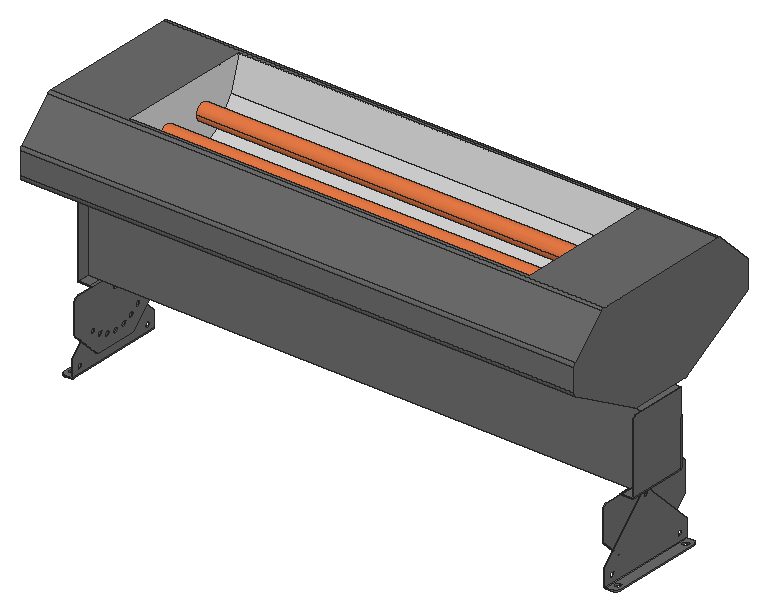
Revit family "Specialty_Equipment-Detroit_Radiant-Unit_Heater-ELD_Series-bk1", category Specialty Equipment, Revit 2023
Family settings
  Round Connector Dimension = Use Diameter
  Part Type = Normal
  OmniClass Number = 23.40.40.14
  OmniClass Title = Food Service Equipment
  Work Plane-Based = Yes
  Enable Cutting in Views = No
  Always vertical = No
  Cut with Voids When Loaded = No
  Maintain Annotation Orientation = No
  Shared = No
  Room Calculation Point = No
Parameters (values of type "ELD - 24" - Single")
  URL = "https://www.reverberray.com/"
  Model = if(CD_24, "ELD24", if(CD_33, "ELD33", if(CD_46, "ELD46", if(CD_60, "ELD60", "0"))))  # "ELD24"
  Manufacturer = "Detroit Radiant"  # constant formula
  CD_W Clear = if(CD_24, 57.000", if(CD_33, 66.000", if(CD_46, 79.000", if(CD_60, 93.000", 0.000"))))  # 57.000"
  CD_Tilt Angle Input [instance] = 0.00°
  CD_Tilt Angle [instance] = if(CD_Tilt Angle Input > 30.00°, 30.00°, CD_Tilt Angle Input)  # 0.00°
  CD_Product Name = "ELD-Series heaters"  # constant formula
  CD_Product Documentation Link = "https://www.reverberray.com/wp-content/uploads/2024/12/ELD-Series-Brochure.pdf"
  CD_Prodcut Page URL = "https://www.reverberray.com/products/commercial-industrial/patio-heaters/eld-series-2/"
  CD_Mounting Width = if(CD_24, 23.500", if(CD_33, 32.500", if(CD_46, 45.500", if(CD_60, 59.500", 0.000"))))  # 23.500"
  Voltage = 0 V
  Type Comments = ""
  Power Consumption = 0 VA
  Description = "Infrared Electric Heaters"  # constant formula
  Default Elevation = 0.000"  # constant formula
  CD_Material_Clearance Zone = Clearance-Detroit_Radiant-Shaded
  CD_Heater Type = Specialty_Equipment-Detroit_Radiant-Unit_Nested_Heater-ELD_Series : ELD - 24"
  CD_H Clear Top [instance] = if(and(CD_24, CD_Tilt Angle < 30.00°), 18.000", if(and(CD_24, CD_Tilt Angle > 15.00°), 9.000", if(and(CD_33, CD_Tilt Angle < 30.00°), 24.000", if(and(CD_33, CD_Tilt Angle > 15.00°), 9.000", if(and(CD_46, CD_Tilt Angle < 30.00°), 23.000", if(and(CD_46, CD_Tilt Angle > 15.00°), 9.000", if(and(CD_60, CD_Tilt Angle < 30.00°), 29.000", if(and(CD_60, CD_Tilt Angle > 15.00°), 9.000", 0.000"))))))))  # 18.000"
  CD_H Clear [instance] = if(and(CD_24, CD_Tilt Angle < 30.00°), 50.000", if(and(CD_24, CD_Tilt Angle > 15.00°), 53.000", if(and(CD_33, CD_Tilt Angle < 30.00°), 50.000", if(and(CD_33, CD_Tilt Angle > 15.00°), 53.000", if(and(CD_46, CD_Tilt Angle < 30.00°), 56.000", if(and(CD_46, CD_Tilt Angle > 15.00°), 59.000", if(and(CD_60, CD_Tilt Angle < 30.00°), 62.000", if(and(CD_60, CD_Tilt Angle > 15.00°), 65.000", 0.000"))))))))  # 50.000"
  CD_D Clear Back [instance] = if(CD_Tilt Angle < 30.00°, 7.000", if(CD_Tilt Angle > 15.00°, 4.000", 0.000"))  # 7.000"
  CD_D Clear [instance] = if(and(CD_24, CD_Tilt Angle < 30.00°), 46.000", if(and(CD_24, CD_Tilt Angle > 15.00°), 48.000", if(and(CD_33, CD_Tilt Angle < 30.00°), 46.000", if(and(CD_33, CD_Tilt Angle > 15.00°), 48.000", if(and(CD_46, CD_Tilt Angle < 30.00°), 56.000", if(and(CD_46, CD_Tilt Angle > 15.00°), 55.000", if(and(CD_60, CD_Tilt Angle < 30.00°), 68.000", if(and(CD_60, CD_Tilt Angle > 15.00°), 60.000", 0.000"))))))))  # 46.000"
  CD_Clearance Zone [instance] = no
  CD_60 = no
  CD_46 = no
  CD_33 = no
  CD_24 = yes
  Assembly Code = ""
  CD_Material_Finish = Metal-Steel-Detroit_Radiant-Coated_Aluminized_Steel
  Amperage = 0 A
Types (4): name | Model | CD_W Clear | CD_Mounting Width | CD_Heater Type | CD_H Clear Top | CD_H Clear | CD_D Clear | CD_60 | CD_46 | CD_33 | CD_24
  ELD - 24" - Single | "ELD24" | 57.000" | 23.500" | Specialty_Equipment-Detroit_Radiant-Unit_Nested_Heater-ELD_Series : ELD - 24" | 18.000" | 50.000" | 46.000" | no | no | no | yes
  ELD - 33" - Single | "ELD33" | 66.000" | 32.500" | Specialty_Equipment-Detroit_Radiant-Unit_Nested_Heater-ELD_Series : ELD - 33" | 24.000" | 50.000" | 46.000" | no | no | yes | no
  ELD - 46" - Single | "ELD46" | 79.000" | 45.500" | Specialty_Equipment-Detroit_Radiant-Unit_Nested_Heater-ELD_Series : ELD - 46" | 23.000" | 56.000" | 56.000" | no | yes | no | no
  ELD - 60" - Single | "ELD60" | 93.000" | 59.500" | Specialty_Equipment-Detroit_Radiant-Unit_Nested_Heater-ELD_Series : ELD - 60" | 29.000" | 62.000" | 68.000" | yes | no | no | no
Reference planes (in)
  plane 1 "Center (Front/Back)": y = 6.8788582
  plane 2: z = 0
  plane 3 "Center (Left/Right)": x = 0
  plane 4 "Left": x = -11.75
  plane 5 "Right": x = 11.75
  plane 6 "Center (Elevation)": z = 2.755
  plane 7 "clear top": y = 24.8788582
  plane 8 "clear bottom": y = -21.1211418
  plane 9 "clear l": x = -28.5
  plane 10 "clear r": x = 28.5
  plane 11 "clear f": z = 49.557
  plane 12 "clear b": z = -0.443
  plane 13 "clear CL": z = 6.557
Forms (in)
  Extrusion 1, solid, material "Clearance-Detroit_Radiant-Shaded" <- "CD_Material_Clearance Zone", visible <- "CD_Clearance Zone"
    sketch origin (0, 0, 0) x (1, 0, 0) y (0, 1, 0)
      loop
        line (-28.5, 24.8788582) -> (-28.5, -21.1211418) -> (28.5, -21.1211418) -> (28.5, 24.8788582) -> (-28.5, 24.8788582)
    from -0.443 to 49.557
Lines and regions (in)
  reference lines
    curve 1: line (0, 6.8788582, 2.755) -> (0, 6.8788582, 14.5910785)
Text (in)
  text "PLACEMENT SIDE" at (-0.116054, -71.7428789, 0), in view "Ref. Level"
Dimensions and locks (in)
  equal spacing: plane 4 "Left", plane 3 "Center (Left/Right)", plane 5 "Right"
  "CD_Mounting Width": plane 4 "Left" to plane 5 "Right"
  locked: plane 6 "Center (Elevation)" to level at 2.755
  "CD_W Clear": plane 9 "clear l" to plane 10 "clear r"
  equal spacing: plane 9 "clear l", plane 3 "Center (Left/Right)", plane 10 "clear r"
  "CD_D Clear": plane 7 "clear top" to plane 8 "clear bottom"
  "CD_H Clear Top": plane 1 "Center (Front/Back)" to plane 7 "clear top"
  "CD_H Clear": plane 11 "clear f" to plane 12 "clear b"
  "CD_D Clear Back": plane 13 "clear CL" to plane 12 "clear b"
  locked: plane 13 "clear CL" to level at 6.557
  "CD_Tilt Angle": angle curve 1 to plane 1 "Center (Front/Back)"
  aligned and locked: plane 2 to level
  aligned and locked: nested 1 to plane 4 "Left"
  aligned and locked: nested 2 to plane 5 "Right"
  aligned and locked: nested 1 to plane 1 "Center (Front/Back)"
  aligned and locked: plane 1 "Center (Front/Back)" to nested 2
  aligned and locked: nested 1 to level
  aligned and locked: level to nested 2
  aligned and locked: plane 1 "Center (Front/Back)" to curve 1
  aligned and locked: plane 6 "Center (Elevation)" to curve 1
  aligned and locked: nested 3 to curve 1
  aligned and locked: plane 3 "Center (Left/Right)" to nested 3
  aligned and locked: plane 7 "clear top" to Extrusion 1
  aligned and locked: Extrusion 1 to plane 8 "clear bottom"
  aligned and locked: Extrusion 1 to plane 9 "clear l"
  aligned and locked: plane 10 "clear r" to Extrusion 1
  aligned and locked: Extrusion 1 to plane 12 "clear b"
  aligned and locked: plane 11 "clear f" to Extrusion 1
Automatic sketch dimensions
  Extrusion 1 sketch curve to plane 4 "Left" = 16.750"
  plane 5 "Right" to Extrusion 1 sketch curve = 16.750"
  Extrusion 1 sketch curve to plane 8 "clear bottom" = 0.000"
  plane 7 "clear top" to Extrusion 1 sketch curve = 0.000"
Nested families (in)
  nested 1: "Specialty_Equipment-Detroit_Radiant-Wall Mounting Bracket" at (-11.75, 6.8788582, 0) x (0, 1, 0) z (0, 0, -1), Material <- "CD_Material_Finish", type "Specialty_Equipment-Detroit_Radiant-Wall Mounting Bracket", detail levels medium+fine
    with Material Metal-Steel-Detroit_Radiant-Coated_Aluminized_Steel
  nested 2: "Specialty_Equipment-Detroit_Radiant-Wall Mounting Bracket" at (11.75, 6.8788582, 0) x (0, 1, 0) z (0, 0, -1), Material <- "CD_Material_Finish", type "Specialty_Equipment-Detroit_Radiant-Wall Mounting Bracket", detail levels medium+fine
    with Material Metal-Steel-Detroit_Radiant-Coated_Aluminized_Steel
  nested 3: "Specialty_Equipment-Detroit_Radiant-Unit_Nested_Heater-ELD_Series" at (0, 7.1608582, 1.01), CD_Finish <- "CD_Material_Finish", type <- "CD_Heater Type", type "ELD - 24""
    with Width 9.625", Length 24.500", Center of Mounts 23.500", CD_Finish Metal-Steel-Detroit_Radiant-Coated_Aluminized_Steel
Connectors (in)
  electrical at (0, 7.1553582, 3.319), driven by "Voltage", driven by "Power Consumption"
    settings: on nested 3, index 1, voltage 0 V, apparent load 0 VA, apparent load phase1 0 VA, apparent load phase2 0 VA, apparent load phase3 0 VA, power factor 1, load classification "Appliance", number of poles 1, system type 30, power factor state 1, is connector primary yes, connector utility no, sub classification motor no, connector description ""
Definition of nested family "Specialty_Equipment-Detroit_Radiant-Wall Mounting Bracket"
  Parameters (values of type "Specialty_Equipment-Detroit_Radiant-Wall Mounting Bracket")
    W = 4.500"  # constant formula
    URL = "https://www.reverberray.com/"
    TH = 0.037"  # constant formula
    Product Name = "Wall Mounting Bracket"  # constant formula
    Material [instance] = none
    Manufacturer = "Detroit Radiant"  # constant formula
    H = 3.000"  # constant formula
    Default Elevation = 48.000"
    D = 0.561"  # constant formula
  Reference planes (in)
    plane 1 "Center (Front/Back)": y = 0
    plane 2: z = 0
    plane 3 "Center (Left/Right)": x = 0
    plane 4: z = -3
    plane 5 "Left": x = -2.25
    plane 6 "Right": x = 2.25
    plane 7: y = -0.037
    plane 8: y = -0.561
    plane 9: z = -0.037
  Forms (in)
    Extrusion 1, solid, material <- "Material"
      sketch origin (0, 0, 0) x (0, 1, 0) y (0, 0, 1)
        loop
          line (-0.561, 0) -> (-0.561, -0.037) -> (-0.066, -0.037)
          arc (-0.066, -0.037) -> (-0.0454939, -0.0454939) -> (-0.037, -0.066) r 0.029
          line (-0.037, -0.066) -> (-0.037, -3) -> (0, -3) -> (0, -0.066)
          arc (0, -0.066) -> (-0.019331, -0.019331) -> (-0.066, 0) r 0.066
          line (-0.066, 0) -> (-0.561, 0)
      from -2.25 to 2.25
    Extrusion 2, void
      sketch origin (0, 0, 0) x (1, 0, 0) y (0, 0, 1)
        loop
          line (-2.25, -0.812132) -> (-2.75, -0.812132) -> (-2.75, -3.5) -> (2.75, -3.5) -> (2.75, -0.812132) -> (2.25, -0.812132) -> (0.106066, -2.956066)
          arc (0.106066, -2.956066) -> (0, -3) -> (-0.106066, -2.956066) r 0.15
          line (-0.106066, -2.956066) -> (-2.25, -0.812132)
        loop
          circle (1.875, -0.375) r 0.125
        loop
          circle (-1.875, -0.375) r 0.125
        loop
          circle (0, -2.755) r 0.125
      from 0 to 0.561
    Extrusion 3, void
      sketch origin (0, 0, 0) x (1, 0, 0) y (0, 1, 0)
        loop
          line (-2.25, -0.311) -> (-2.5, -0.311) -> (-2.5, -0.811) -> (-2, -0.811) -> (-2, -0.561)
          arc (-2, -0.561) -> (-2.1767767, -0.4877767) -> (-2.25, -0.311) r 0.25
        loop
          arc (2.25, -0.311) -> (2.1767767, -0.4877767) -> (2, -0.561) r 0.25
          line (2, -0.561) -> (2, -0.811) -> (2.5, -0.811) -> (2.5, -0.311) -> (2.25, -0.311)
        loop
          circle (-1.875, -0.311) r 0.125
        loop
          circle (1.875, -0.311) r 0.125
      from -0.037 to 0
  Cuts and joins
    Extrusion 2, Extrusion 3 cuts Extrusion 1
  Dimensions and locks (in)
    locked: plane 7 to plane 1 "Center (Front/Back)" at 0.0402328
    plane 6 "Right" to plane 5 "Left" = 4.500"
    "D": plane 8 to plane 1 "Center (Front/Back)"
    "TH": plane 7 to plane 1 "Center (Front/Back)"
    "TH": level to plane 9
    locked: Extrusion 1 to Extrusion 2 sketch curve
    locked: plane 5 "Left" to Extrusion 2 sketch curve at 0.5
    locked: plane 6 "Right" to Extrusion 2 sketch curve at 0.5
    locked: plane 4 to Extrusion 2 sketch curve at 0.5
    locked: Extrusion 2 sketch curve to Extrusion 1 (angle 45.00°)
    locked: Extrusion 1 to Extrusion 2 sketch curve (angle 45.00°)
    aligned and locked: plane 2 to level
    aligned and locked: plane 8 to Extrusion 1 sketch curve
    aligned and locked: Extrusion 1 sketch curve to level
    aligned and locked: plane 9 to Extrusion 1 sketch curve
    aligned and locked: plane 1 "Center (Front/Back)" to Extrusion 1 sketch curve
    aligned and locked: plane 7 to Extrusion 1 sketch curve
    aligned and locked: plane 4 to Extrusion 1 sketch curve
    aligned and locked: Extrusion 1 to plane 5 "Left"
    aligned and locked: Extrusion 1 to plane 6 "Right"
    aligned and locked: plane 5 "Left" to Extrusion 2 sketch curve
    aligned and locked: plane 6 "Right" to Extrusion 2 sketch curve
    aligned and locked: Extrusion 2 to plane 1 "Center (Front/Back)"
    aligned and locked: Extrusion 2 to plane 8
    aligned and locked: level to Extrusion 3
    aligned and locked: Extrusion 3 to plane 9
  Automatic sketch dimensions
    Extrusion 1 sketch curve to plane 7 = 0.029"
    Extrusion 1 sketch curve to Extrusion 1 sketch curve = 0.000"
    Extrusion 2 sketch curve to plane 3 "Center (Left/Right)" = 0.000"  (x2)
    Extrusion 2 sketch curve to level = 2.755"
    plane 5 "Left" to Extrusion 2 sketch curve = 0.375"
    plane 4 to Extrusion 2 sketch curve = 0.04393"  (x2)
    Extrusion 2 sketch curve to plane 3 "Center (Left/Right)" = 0.10607"
    plane 6 "Right" to Extrusion 2 sketch curve = 0.375"
    Extrusion 2 sketch curve to plane 9 = 0.338"  (x2)
    Extrusion 3 sketch curve to plane 5 "Left" = 0.000"
    Extrusion 3 sketch curve to plane 8 = 0.000"  (x2)
    Extrusion 3 sketch curve to plane 6 "Right" = 0.000"
    Extrusion 3 sketch curve to plane 5 "Left" = 0.250"
    plane 5 "Left" to Extrusion 3 sketch curve = 0.250"
    Extrusion 3 sketch curve to Extrusion 3 sketch curve = 0.125"  (x2)
    Extrusion 3 sketch curve to Extrusion 3 sketch curve = 0.375"
    Extrusion 3 sketch curve to plane 6 "Right" = 0.250"
    Extrusion 3 sketch curve to Extrusion 3 sketch curve = 0.250"
    Extrusion 3 sketch curve to plane 8 = 0.250"
    Extrusion 3 sketch curve to Extrusion 3 sketch curve = 0.000"  (x2)
    radius of Extrusion 2 sketch curve = 0.125"  (x3)
    radius of Extrusion 3 sketch curve = 0.125"  (x2)
Definition of nested family "Specialty_Equipment-Detroit_Radiant-Unit_Nested_Heater-ELD_Series"
  Parameters (values of type "ELD - 24"")
    Width [instance] = 9.625"  # constant formula
    URL = "https://www.reverberray.com/"
    Type Comments = ""
    Model = if(CD_24, "ELD24", if(CD_33, "ELD33", if(CD_46, "ELD46", if(CD_60, "ELD60", "0"))))  # "ELD24"
    Manufacturer = "Detroit Radiant"  # constant formula
    Length [instance] = if(CD_24, 24.500", if(CD_33, 33.500", if(CD_46, 46.500", if(CD_60, 60.500", 0.000"))))  # 24.500"
    CD_Heater = none
    CD_Reflector = none
    CD_Finish [instance] = none
    Description = "Infrared Electric Heaters"  # constant formula
    Default Elevation = 48.000"
    CD_Product Page URL = "https://www.reverberray.com/products/commercial-industrial/patio-heaters/eld-series-2/"
    CD_Product Name = "ELD-Series heaters"  # constant formula
    CD_Product Documentation Link = "https://www.reverberray.com/wp-content/uploads/2024/12/ELD-Series-Brochure.pdf"
    Center of Mounts [instance] = if(CD_24, 23.500", if(CD_33, 32.500", if(CD_46, 45.500", if(CD_60, 59.500", 0.000"))))  # 23.500"
    Assembly Code = ""
    CD_60 = no
    CD_46 = no
    CD_33 = no
    CD_24 = yes
  Types (4): name | Model | Length | Center of Mounts | CD_60 | CD_46 | CD_33 | CD_24
    ELD - 24" | "ELD24" | 24.500" | 23.500" | no | no | no | yes
    ELD - 33" | "ELD33" | 33.500" | 32.500" | no | no | yes | no
    ELD - 46" | "ELD46" | 46.500" | 45.500" | no | yes | no | no
    ELD - 60" | "ELD60" | 60.500" | 59.500" | yes | no | no | no
  Reference planes (in)
    plane 1 "Center (Front/Back)": y = 0
    plane 2: z = 0
    plane 3 "Center (Left/Right)": x = 0
    plane 4 "Right": x = 12.25
    plane 5 "Left": x = -12.25
    plane 6: y = 4.8125
    plane 7: y = -4.8125
    plane 8 "Heater Top": z = 10.552
    plane 9: x = 11.75
    plane 10: x = -11.75
    plane 11 "Center L/X": z = 5.802
    plane 12 "Center L/Y": z = 2.309
    plane 13 "CL Bracket": y = -0.282
    plane 14: y = 0.5
    plane 15: y = -0.5
    plane 16: x = -8.84
    plane 17: x = 8.84
  Forms (in)
    Extrusion 1, solid, material <- "CD_Finish"
      sketch origin (-12.25, 0, 0) x (0, 1, 0) y (0, 0, -1)
        loop
          line (3.3122233, -10.4787767) -> (4.7392767, -9.0517233)
          arc (4.7392767, -9.0517233) -> (4.7934699, -8.9706175) -> (4.8125, -8.8749466) r 0.25
          line (4.8125, -8.8749466) -> (4.8125, -7.9051646)
          arc (4.8125, -7.9051646) -> (4.778696, -7.7796286) -> (4.6864257, -7.6880415) r 0.25
          line (4.6864257, -7.6880415) -> (1.4396018, -5.8348769)
          arc (1.4396018, -5.8348769) -> (1.3797824, -5.810359) -> (1.3156761, -5.802) r 0.25
          line (1.3156761, -5.802) -> (-1.3156761, -5.802)
          arc (-1.3156761, -5.802) -> (-1.3797824, -5.810359) -> (-1.4396018, -5.8348769) r 0.25
          line (-1.4396018, -5.8348769) -> (-4.6864257, -7.6880415)
          arc (-4.6864257, -7.6880415) -> (-4.778696, -7.7796286) -> (-4.8125, -7.9051646) r 0.25
          line (-4.8125, -7.9051646) -> (-4.8125, -8.8749466)
          arc (-4.8125, -8.8749466) -> (-4.7934699, -8.9706175) -> (-4.7392767, -9.0517233) r 0.25
          line (-4.7392767, -9.0517233) -> (-3.3122233, -10.4787767)
          arc (-3.3122233, -10.4787767) -> (-3.2311175, -10.5329699) -> (-3.1354466, -10.552) r 0.25
          line (-3.1354466, -10.552) -> (3.1354466, -10.552)
          arc (3.1354466, -10.552) -> (3.2311175, -10.5329699) -> (3.3122233, -10.4787767) r 0.25
      from -24.5 to 0
    Extrusion 2, solid, material <- "CD_Finish"
      sketch origin (-12.25, -0.282, 0) x (0, 1, 0) y (0, 0, -1)
        loop
          line (1.339, -5.552) -> (1.339, -2.309) -> (-0.786, -2.309) -> (-0.786, -5.552) -> (1.339, -5.552)
      from -24.5 to 0
    Extrusion 3, solid, material <- "CD_Finish"
      sketch origin (-12.25, 0, 0) x (0, 1, 0) y (0, 0, -1)
        loop
          line (0.75, -5.927) -> (0.75, -5.427) -> (-0.75, -5.427) -> (-0.75, -5.927) -> (0.75, -5.927)
      from -24 to -0.5
    Extrusion 4, void, detail levels medium+fine
      sketch origin (-12.25, 0, 0) x (0, 1, 0) y (0, 0, -1)
        loop
          line (2.5898438, -9.1262187) -> (1.8710938, -8.1027812) -> (0.5570616, -7.3527812) -> (-0.5570616, -7.3527812) -> (-1.8710938, -8.1027812) -> (-2.5898438, -9.1262187) -> (-3, -10.552) -> (3, -10.552) -> (2.5898438, -9.1262187)
      from -21.09 to -3.41
    Extrusion 5, solid, material <- "CD_Heater", detail levels medium+fine
      sketch origin (-12.25, 0, 0) x (0, 1, 0) y (0, 0, -1)
        loop
          circle (1, -9.122) r 0.375
        loop
          circle (-1, -9.122) r 0.375
      from -21.09 to -3.41
  Cuts and joins
    joined: Extrusion 2, Extrusion 3
    Extrusion 4 cuts Extrusion 1
  Dimensions and locks (in)
    equal spacing: plane 5 "Left", plane 3 "Center (Left/Right)", plane 4 "Right"
    "Length": plane 5 "Left" to plane 4 "Right"
    equal spacing: plane 7, plane 1 "Center (Front/Back)", plane 6
    "Width": plane 6 to plane 7
    "Center of Mounts": plane 9 to plane 10
    equal spacing: plane 9, plane 3 "Center (Left/Right)", plane 10
    plane 8 "Heater Top" to level = 10.552"
    plane 8 "Heater Top" to plane 11 "Center L/X" to plane 12 "Center L/Y" = 4.750" locked, 3.493" locked
    locked: plane 11 "Center L/X" to Extrusion 2 sketch curve at 0.25
    locked: Extrusion 2 sketch curve to Extrusion 2 sketch curve at 2.125
    plane 1 "Center (Front/Back)" to plane 13 "CL Bracket" = 0.282"
    locked: plane 14 to plane 1 "Center (Front/Back)" at 0.5
    locked: plane 1 "Center (Front/Back)" to plane 15 at 0.5
    locked: plane 5 "Left" to plane 16 at 3.41
    locked: plane 4 "Right" to plane 17 at 3.41
    aligned and locked: plane 2 to level
    aligned and locked: Extrusion 1 sketch curve to plane 11 "Center L/X"
    aligned and locked: plane 7 to Extrusion 1 sketch curve
    aligned and locked: plane 6 to Extrusion 1 sketch curve
    aligned and locked: plane 4 "Right" to Extrusion 1
    aligned and locked: plane 5 "Left" to Extrusion 1
    aligned and locked: nested 1 to plane 5 "Left"
    aligned and locked: plane 12 "Center L/Y" to Extrusion 2 sketch curve
    aligned and locked: plane 5 "Left" to Extrusion 2
    aligned and locked: plane 4 "Right" to Extrusion 2
    aligned and locked: Extrusion 2 to plane 12 "Center L/Y"
    aligned and locked: plane 13 "CL Bracket" to nested 1
    aligned and locked: plane 9 to Extrusion 3
    aligned and locked: Extrusion 3 to plane 10
    aligned and locked: plane 16 to Extrusion 4
    aligned and locked: plane 17 to Extrusion 4
    aligned and locked: cut or joined group of Extrusion 1, Extrusion 4 to Extrusion 5  (x2)
    aligned and locked: plane 4 "Right" to nested 2
    aligned and locked: nested 2 to plane 13 "CL Bracket"
  Automatic sketch dimensions
    Extrusion 3 sketch curve to plane 1 "Center (Front/Back)" = 0.750"
    Extrusion 3 sketch curve to plane 11 "Center L/X" = 0.125"
    plane 1 "Center (Front/Back)" to Extrusion 3 sketch curve = 0.750"
    plane 11 "Center L/X" to Extrusion 3 sketch curve = 0.375"
    Extrusion 2 sketch curve to plane 1 "Center (Front/Back)" = 1.068"
    Extrusion 4 sketch curve to plane 8 "Heater Top" = 0.000"
    plane 15 to Extrusion 4 sketch curve = 2.08984"
    Extrusion 4 sketch curve to Extrusion 4 sketch curve = 0.71875"  (x2)
    plane 15 to Extrusion 4 sketch curve = 0.05706"
    plane 14 to Extrusion 4 sketch curve = 0.05706"
    plane 14 to Extrusion 4 sketch curve = 1.37109"
    plane 8 "Heater Top" to Extrusion 4 sketch curve = 1.42578"  (x2)
    Extrusion 4 sketch curve to Extrusion 4 sketch curve = 1.02344"  (x2)
    Extrusion 4 sketch curve to Extrusion 4 sketch curve = 0.750"
    Extrusion 4 sketch curve to Extrusion 4 sketch curve = 0.41016"  (x2)
    Extrusion 1 sketch curve to plane 8 "Heater Top" = 0.000"
    Extrusion 1 sketch curve to plane 7 = 0.07322"
    Extrusion 1 sketch curve to plane 7 = 0.12607"
    Extrusion 1 sketch curve to Extrusion 1 sketch curve = 0.12393"  (x2)
    Extrusion 1 sketch curve to Extrusion 1 sketch curve = 0.250"  (x3)
    plane 8 "Heater Top" to Extrusion 1 sketch curve = 0.07322"  (x2)
    Extrusion 1 sketch curve to plane 7 = 1.50028"
    plane 8 "Heater Top" to Extrusion 1 sketch curve = 0.250"  (x2)
    Extrusion 1 sketch curve to plane 11 "Center L/X" = 0.03288"  (x2)
    plane 15 to Extrusion 1 sketch curve = 0.9396"
    Extrusion 1 sketch curve to plane 11 "Center L/X" = 0.250"
    plane 14 to Extrusion 1 sketch curve = 0.81568"
    plane 6 to Extrusion 1 sketch curve = 1.67705"
    plane 6 to Extrusion 1 sketch curve = 0.12607"
    plane 6 to Extrusion 1 sketch curve = 0.07322"
    Extrusion 1 sketch curve to plane 11 "Center L/X" = 1.88604"  (x2)
    Extrusion 1 sketch curve to Extrusion 1 sketch curve = 0.96978"  (x2)
    plane 15 to Extrusion 5 sketch curve = 0.500"
    plane 14 to Extrusion 5 sketch curve = 0.500"
    plane 8 "Heater Top" to Extrusion 5 sketch curve = 1.430"  (x2)
    radius of Extrusion 5 sketch curve = 0.375"  (x2)
  Nested families (in)
    nested 1: "Specialty_Equipment-Detroit_Radiant-Nested Bracket" at (-11.669, -0.282, 2.317) x (0, 1, 0) z (0, 0, -1), Material <- "CD_Finish", type "Specialty_Equipment-Detroit_Radiant-Nested Bracket", detail levels fine
      with Material none
    nested 2: "Specialty_Equipment-Detroit_Radiant-Nested Bracket" at (11.669, -0.282, 2.317) x (0, 1, 0) z (0, 0, -1), Material <- "CD_Finish", type "Specialty_Equipment-Detroit_Radiant-Nested Bracket", detail levels fine
      with Material none
  Definition of nested family "Specialty_Equipment-Detroit_Radiant-Nested Bracket"
    Parameters (values of type "Specialty_Equipment-Detroit_Radiant-Nested Bracket")
      W = 4.500"  # constant formula
      URL = "https://www.reverberray.com/"
      TH = 0.044"  # constant formula
      Product Name = "Mounting Bracket"  # constant formula
      Material [instance] = none
      Manufacturer = "Detroit Radiant"  # constant formula
      H = 6.047"  # constant formula
      Default Elevation = 48.000"
      D = 0.625"  # constant formula
    Reference planes (in)
      plane 1 "Center (Front/Back)": y = 0
      plane 2: z = 0
      plane 3 "Center (Left/Right)": x = 0
      plane 4: z = -3.23
      plane 5 "Left": x = -2.25
      plane 6 "Right": x = 2.25
      plane 7: y = -0.044
      plane 8: y = -0.625
      plane 9: z = 2.817
      plane 10: z = 0.044
      plane 11: y = -0.581
      plane 12: x = 1.31
      plane 13: x = -1.31
      plane 14: x = 1.383
      plane 15: x = 1.339
      plane 16: y = 0.375
      plane 17: z = -0.029
      plane 18: z = -2.149
    Forms (in)
      Extrusion 1, solid, material <- "Material"
        sketch origin (0, 0, 0) x (1, 0, 0) y (0, 0, 1)
          loop
            line (0.8964466, 2.817) -> (-0.8964466, 2.817)
            arc (-0.8964466, 2.817) -> (-0.9921175, 2.7979699) -> (-1.0732233, 2.7437767) r 0.25
            line (-1.0732233, 2.7437767) -> (-2.1767767, 1.6402233)
            arc (-2.1767767, 1.6402233) -> (-2.2309699, 1.5591175) -> (-2.25, 1.4634466) r 0.25
            line (-2.25, 1.4634466) -> (-2.25, 0.323)
            arc (-2.25, 0.323) -> (-2.1767767, 0.1462233) -> (-2, 0.073) r 0.25
            line (-2, 0.073) -> (2, 0.073)
            arc (2, 0.073) -> (2.1767767, 0.1462233) -> (2.25, 0.323) r 0.25
            line (2.25, 0.323) -> (2.25, 1.4634466)
            arc (2.25, 1.4634466) -> (2.2309699, 1.5591175) -> (2.1767767, 1.6402233) r 0.25
            line (2.1767767, 1.6402233) -> (1.0732233, 2.7437767)
            arc (1.0732233, 2.7437767) -> (0.9921175, 2.7979699) -> (0.8964466, 2.817) r 0.25
        from 0 to 0.044
      Extrusion 2, solid, material <- "Material"
        sketch origin (0, 0, 0) x (0, 1, 0) y (0, 0, 1)
          loop
            line (-0.073, 0.044) -> (-0.559, 0.044)
            arc (-0.559, 0.044) -> (-0.605669, 0.024669) -> (-0.625, -0.022) r 0.066
            line (-0.625, -0.022) -> (-0.625, -3.23) -> (-0.581, -3.23) -> (-0.581, -0.022)
            arc (-0.581, -0.022) -> (-0.5745563, -0.0064437) -> (-0.559, 0) r 0.022
            line (-0.559, 0) -> (-0.073, 0)
            arc (-0.073, 0) -> (-0.0213812, 0.0213812) -> (0, 0.073) r 0.073
            line (0, 0.073) -> (-0.044, 0.073)
            arc (-0.044, 0.073) -> (-0.0524939, 0.0524939) -> (-0.073, 0.044) r 0.029
        from -1.31 to 1.31
      Extrusion 3, solid, material <- "Material"
        sketch origin (0, 0, 0) x (1, 0, 0) y (0, 1, 0)
          loop
            line (1.339, 0.375) -> (1.339, -0.552)
            arc (1.339, -0.552) -> (1.3305061, -0.5725061) -> (1.31, -0.581) r 0.029
            line (1.31, -0.581) -> (1.31, -0.625)
            arc (1.31, -0.625) -> (1.3616188, -0.6036188) -> (1.383, -0.552) r 0.073
            line (1.383, -0.552) -> (1.383, 0.375) -> (1.339, 0.375)
        from -2.149 to -0.029
      Extrusion 4, void
        sketch origin (0, 0, 0) x (0, 1, 0) y (0, 0, 1)
          loop
            arc (0.125, -0.029) -> (0.3017767, -0.1022233) -> (0.375, -0.279) r 0.25
            line (0.375, -0.279) -> (0.375, -1.899)
            arc (0.375, -1.899) -> (0.3017767, -2.0757767) -> (0.125, -2.149) r 0.25
            line (0.125, -2.149) -> (0.125, -2.399) -> (0.625, -2.399) -> (0.625, 0.221) -> (0.125, 0.221) -> (0.125, -0.029)
          loop
            circle (-0.055, -0.529) r 0.0625
          loop
            circle (-0.055, -1.649) r 0.0625
        from 1.339 to 1.383
      Extrusion 5, void
        sketch origin (0, 0, 0) x (1, 0, 0) y (0, 0, 1)
          loop
            line (-1.31, -2.98) -> (-1.56, -2.98) -> (-1.56, -3.48) -> (-1.06, -3.48) -> (-1.06, -3.23)
            arc (-1.06, -3.23) -> (-1.2367767, -3.1567767) -> (-1.31, -2.98) r 0.25
          loop
            circle (0, 2.317) r 0.125
          loop
            circle (0, 0.572) r 0.125
          loop
            circle (-0.4516392, 2.2575406) r 0.125
          loop
            circle (-0.8725, 2.0832143) r 0.125
          loop
            circle (-1.2339013, 1.8059013) r 0.125
          loop
            circle (0.4516392, 2.2575406) r 0.125
          loop
            circle (0.8725, 2.0832143) r 0.125
          loop
            circle (1.2339013, 1.8059013) r 0.125
        from -0.375 to 0.625
    Cuts and joins
      Extrusion 4, Extrusion 5 cuts Extrusion 1
      Extrusion 4, Extrusion 5 cuts Extrusion 2
      Extrusion 4, Extrusion 5 cuts Extrusion 3
      joined: Extrusion 1, Extrusion 2, Extrusion 3
    Dimensions and locks (in)
      "W": plane 6 "Right" to plane 5 "Left"
      "D": plane 8 to plane 1 "Center (Front/Back)"
      "TH": plane 7 to plane 1 "Center (Front/Back)"
      locked: plane 9 to plane 10 at 2.773
      "H": plane 9 to plane 4
      "TH": plane 10 to level
      "TH": plane 8 to plane 11
      locked: plane 13 to plane 12 at 2.62
      equal spacing: plane 13, plane 3 "Center (Left/Right)", plane 12
      locked: plane 12 to plane 14 at 0.073
      "TH": plane 15 to plane 14
      locked: plane 16 to plane 8 at 1
      plane 18 to plane 17 to plane 10 = 2.120" locked, 0.073" locked
      aligned and locked: plane 2 to level
      aligned and locked: Extrusion 1 to plane 1 "Center (Front/Back)"
      aligned and locked: Extrusion 1 to plane 7
      aligned and locked: Extrusion 2 sketch curve to plane 10
      aligned and locked: plane 1 "Center (Front/Back)" to Extrusion 2 sketch curve
      aligned and locked: plane 7 to Extrusion 2 sketch curve
      aligned and locked: Extrusion 2 sketch curve to level
      aligned and locked: Extrusion 2 sketch curve to plane 8
      aligned and locked: plane 11 to Extrusion 2 sketch curve
      aligned and locked: Extrusion 2 sketch curve to plane 4
      aligned and locked: Extrusion 2 to plane 12
      aligned and locked: plane 13 to Extrusion 2
      aligned and locked: plane 15 to Extrusion 3
      aligned and locked: Extrusion 3 to plane 14
      aligned and locked: plane 16 to Extrusion 3
      aligned and locked: plane 12 to Extrusion 3 sketch curve
      aligned and locked: plane 11 to Extrusion 3 sketch curve
      aligned and locked: plane 8 to Extrusion 3 sketch curve
      aligned and locked: Extrusion 3 to plane 17
      aligned and locked: plane 18 to Extrusion 3
      aligned and locked: Extrusion 4 to Extrusion 3  (x2)
      aligned and locked: Extrusion 5 to Extrusion 3
      aligned and locked: Extrusion 5 to plane 8
    Automatic sketch dimensions
      Extrusion 1 sketch curve to plane 5 "Left" = 0.000"
      Extrusion 1 sketch curve to plane 9 = 0.000"
      plane 6 "Right" to Extrusion 1 sketch curve = 0.000"
      plane 5 "Left" to Extrusion 1 sketch curve = 0.07322"
      Extrusion 1 sketch curve to plane 10 = 0.029"
      plane 5 "Left" to Extrusion 1 sketch curve = 0.250"  (x2)
      Extrusion 1 sketch curve to plane 9 = 0.07322"  (x2)
      Extrusion 1 sketch curve to plane 3 "Center (Left/Right)" = 1.07322"
      Extrusion 1 sketch curve to plane 9 = 0.250"
      plane 3 "Center (Left/Right)" to Extrusion 1 sketch curve = 0.89645"
      Extrusion 1 sketch curve to Extrusion 1 sketch curve = 0.17678"
      plane 6 "Right" to Extrusion 1 sketch curve = 0.250"  (x2)
      plane 6 "Right" to Extrusion 1 sketch curve = 0.07322"
      Extrusion 1 sketch curve to Extrusion 1 sketch curve = 1.14045"  (x2)
      Extrusion 2 sketch curve to level = 0.022"
      Extrusion 2 sketch curve to Extrusion 2 sketch curve = 0.029"
      Extrusion 2 sketch curve to Extrusion 2 sketch curve = 0.000"
      Extrusion 3 sketch curve to plane 14 = 0.000"
      Extrusion 3 sketch curve to plane 16 = 0.000"
      Extrusion 3 sketch curve to Extrusion 3 sketch curve = 0.000"
      plane 18 to Extrusion 4 sketch curve = 0.000"
      plane 17 to Extrusion 4 sketch curve = 0.000"
      Extrusion 4 sketch curve to plane 16 = 0.000"
      Extrusion 4 sketch curve to plane 1 "Center (Front/Back)" = 0.125"  (x2)
      Extrusion 4 sketch curve to plane 7 = 0.011"  (x2)
      Extrusion 4 sketch curve to Extrusion 4 sketch curve = 0.250"  (x3)
      Extrusion 4 sketch curve to plane 10 = 0.177"
      plane 16 to Extrusion 4 sketch curve = 0.250"
      plane 13 to Extrusion 5 sketch curve = 0.000"
      Extrusion 5 sketch curve to plane 4 = 0.000"
      Extrusion 5 sketch curve to plane 3 "Center (Left/Right)" = 0.000"  (x2)
      plane 13 to Extrusion 5 sketch curve = 0.250"
      Extrusion 5 sketch curve to plane 13 = 0.0761"
      Extrusion 5 sketch curve to plane 13 = 0.250"
      Extrusion 5 sketch curve to plane 13 = 0.4375"
      Extrusion 5 sketch curve to plane 3 "Center (Left/Right)" = 0.45164"
      plane 3 "Center (Left/Right)" to Extrusion 5 sketch curve = 0.45164"
      plane 12 to Extrusion 5 sketch curve = 0.4375"
      plane 12 to Extrusion 5 sketch curve = 0.0761"
      Extrusion 5 sketch curve to plane 4 = 0.250"
      Extrusion 5 sketch curve to plane 10 = 0.528"
      Extrusion 5 sketch curve to plane 9 = 1.0111"  (x2)
      Extrusion 5 sketch curve to Extrusion 5 sketch curve = 0.27731"  (x2)
      Extrusion 5 sketch curve to Extrusion 5 sketch curve = 0.17433"  (x2)
      Extrusion 5 sketch curve to Extrusion 5 sketch curve = 0.05946"
      radius of Extrusion 4 sketch curve = 0.0625"  (x2)
      radius of Extrusion 5 sketch curve = 0.125"  (x8)
